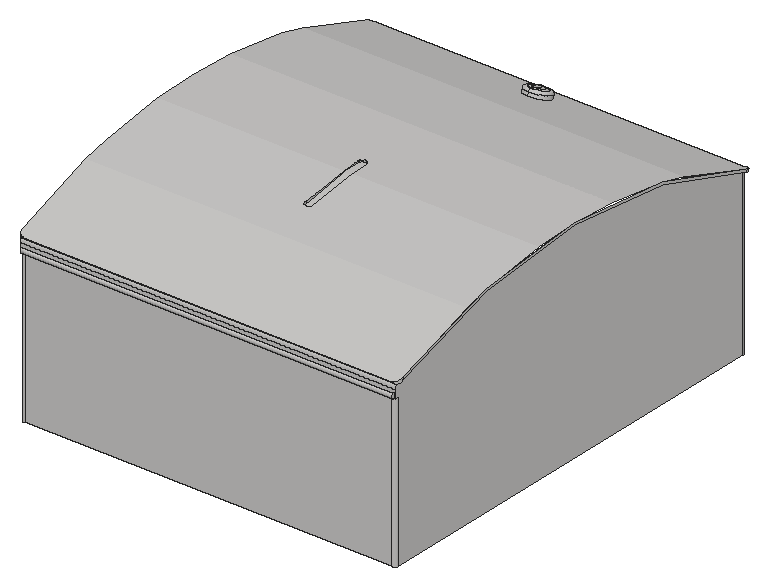
Revit family "PRD_AR_TltRllHldrs_STRATOSJumboRollHolder_STRX670", category Specialty Equipment, host Face, Revit 2018
Family settings
  Host = Face
  Round Connector Dimension = Use Diameter
  Part Type = Normal
  OmniClass Number = 23.40.20.21.17
  OmniClass Title = Paper Towel Dispensers, Disposal Units
  Cut with Voids When Loaded = No
  Shared = No
  Room Calculation Point = No
Parameters (values of type "STRX670")
  WarrantyStartDate [instance] = "1900-12-31T23:59:59"
  WarrantyGuarantorParts = "n/a"
  WarrantyGuarantorLabor = "n/a"
  WarrantyDurationUnit = "year"
  WarrantyDurationParts = "n/a"
  WarrantyDurationLabor = "n/a"
  WarrantyDescription = "n/a"
  Version = "1"
  Uniclass2015Version = "Products v1.10"
  Uniclass2015Title = "Toilet roll holders"
  Uniclass2015Code = "Pr_40_20_76_88"
  URL = "www.kwc.com"
  TypeOfMounting = "Wall mounting"
  TypeOfFixing = "Screw"
  TagNumber [instance] = "n/a"
  SustainabilityPerformance = "n/a"
  SurfaceTreatment = "InoxPlus (anti fingerprint)"
  Style = "roll holder"
  Spindle = "Yes"
  Size = "304 x 355 x 170 mm"
  Shape = "n/a"
  SerialNumber [instance] = "n/a"
  RollHolderMaterial = PRD_AR_StainlessSteel_SatinFinished
  Revision = "n/a"
  ReplacementCost = "n/a"
  ProductInformation = "https://pim.kwc.com/product/2000057394/attachment/datasheet?locale=en"
  NominalWidth = 304 mm
  NominalHeight = 355 mm
  NominalDepth = 170 mm
  NetWeight = 4.37 kg
  Name = "Jumbo roll holder STRX670"
  NBSTypeID = "n/a"
  NBSReference = "45-35-72/368"
  NBSOfficeMasterTag = "n/a"
  NBSNote = "n/a"
  NBSDescription = "Toilet roll holders"
  NBSCertification = "n/a"
  ModelReference = "STRX670"
  ModelNumber = "2000057394"
  Model = ModelReference  # "STRX670"
  MaximumWidthOfConsumable = "105.00 mm"
  MaximumDepthDiameterOfConsumable = "295.00 mm"
  MaterialThickness = "1.50 mm"
  MaterialCode = "1.4301"
  Material = "stainless steel"
  ManufacturerURL = "www.kwc.com"
  ManufacturerName = "KWC Group AG"  # constant formula
  Manufacturer = ManufacturerName  # "KWC Group AG"
  MainColor = "stainless steel"
  Lock = "Key-lock"
  IsBuiltIn = "TRUE"
  IntegralAccessories = "incl. stainless steel screws and dowels"
  InstallationDate [instance] = "1900-12-31T23:59:59"
  IfcExportType = "USERDEFINED"
  IfcExportAs = "IfcFurnitureType"
  GrossWeight = 5.06 kg
  Grade = "n/a"
  Finish = "satin finished"
  FillingQuantityUom = "Rolls"
  FillingQuantity = "1"
  Features = "stainless steel, surface satin finished"
  ExpectedLife = "n/a"
  DurationUnit = "year"
  Description = "Jumbo roll holder for wall mounting, stainless steel, surface satin finished, front with InoxPlus surface refinement for the reduction of finger marks and better cleaning characteristics (easy to clean), material thickness 1.5 mm, closed casing with curved front, paper withdrawal over two tear-off edges, cylinder lock with KWC standard key, for 1 roll with max. Ø 295 mm, includes stainless steel screws and dowels."
  Default Elevation = 850 mm
  CreatedOn = "11/2019"  # constant formula
  Constituents = "n/a"
  Color = "n/a"
  CodePerformance = "n/a"
  Category = "Pr_40_20_76_88, Toilet roll holders"
  BarCode [instance] = "n/a"
  BIMObjectName = "PRD_AR_ToiletRollHolders_STRATOSJumboRollHolder_STRX670"
  Author = "Archispace"  # constant formula
  AssetType = "Fixed"
  AssetIdentifier [instance] = "n/a"
  AccessibilityPerformance = "n/a"
Reference planes
  plane 1 "Center (Front/Back)": y = 0
  plane 2: z = 0
  plane 3 "Center (Left/Right)": x = 0
Dimensions and locks
  aligned and locked: plane 2 to host face
  aligned and locked: level to host face
Nested families
  nested 1: "STRX619" at (0, 0, 0), type "STRX619"
Definition of nested family "STRX619"
  Parameters (values of type "STRX619")
    Material = none
    Default Elevation = 1219.2 mm
  Reference planes
    plane 1 "Center (Front/Back)": y = 0
    plane 2: z = 0
    plane 3 "Center (Left/Right)": x = 0
  Forms (mm)
    Extrusion 1, solid
      sketch origin (0, 0, 0) x (1, 0, 0) y (0, 1, 0)
        loop
          line (-250, 320) -> (-250, -321.369) -> (248.602, -321.369) -> (248.602, 320) -> (-250, 320)
      from 0 to -60
    Extrusion 2, solid, material <- "Material", detail levels fine
      sketch origin (0, 0, 0) x (0, 1, 0) y (0, 0, 1)
        loop
          line (-175.684, 0) -> (174.316, 0) -> (174.316, 130.789)
          arc (174.316, 130.789) -> (0.944, 168.622) -> (-172.715, 132.127) r 423.646
          arc (-172.715, 132.127) -> (-174.877, 130.282) -> (-175.684, 127.557) r 5
          line (-175.684, 127.557) -> (-175.684, 0)
      from -150 to 150
    Extrusion 3, solid, material <- "Material", detail levels fine
      sketch origin (0, 0, 0) x (0, 1, 0) y (0, 0, 1)
        loop
          arc (-175.302, 130.967) -> (0.835, 168.622) -> (176.696, 129.7) r 423.646
          line (176.696, 129.7) -> (177.307, 131.07)
          arc (177.307, 131.07) -> (0.831, 170.122) -> (-175.92, 132.333) r 425.146
          line (-175.92, 132.333) -> (-175.302, 130.967)
      from -152 to 152
    Extrusion 4, void
      sketch origin (0, 0, 0) x (1, 0, 0) y (0, 1, 0)
        loop
          line (-3.502, -21.61) -> (-3.502, -74.025)
          arc (-3.502, -74.025) -> (-0.002, -77.525) -> (3.498, -74.025) r 3.5
          line (3.498, -74.025) -> (3.498, -21.61)
          arc (3.498, -21.61) -> (-0.002, -18.11) -> (-3.502, -21.61) r 3.5
      from 149.256 to 199.541
    Extrusion 5, void
      sketch origin (0, 0, 0) x (1, 0, 0) y (0, 1, 0)
        loop
          line (-152, 179.034) -> (-152, 172.307)
          arc (-152, 172.307) -> (-150.536, 175.843) -> (-147, 177.307) r 5
          line (-147, 177.307) -> (-147, 179.034) -> (-152, 179.034)
        loop
          line (152, 179.034) -> (147, 179.034) -> (147, 177.307)
          arc (147, 177.307) -> (150.536, 175.843) -> (152, 172.307) r 5
          line (152, 172.307) -> (152, 179.034)
        loop
          line (-152, -177.646) -> (-147, -177.646) -> (-147, -175.92)
          arc (-147, -175.92) -> (-150.536, -174.455) -> (-152, -170.92) r 5
          line (-152, -170.92) -> (-152, -177.646)
        loop
          line (152, -177.646) -> (152, -170.92)
          arc (152, -170.92) -> (150.536, -174.455) -> (147, -175.92) r 5
          line (147, -175.92) -> (147, -177.646) -> (152, -177.646)
      from 124.39 to 140.153
    Sweep 6, void
      path in 3D
        loop
          line (-150, -175.684, 0) -> (-150, -175.684, 120.691)
      profile origin (-150, -175.684, 60.345) x (0, 1, 0) y (-1, 0, 0)
        loop
          line (0, 0) -> (0, -3.2)
          arc (0, -3.2) -> (0.937, -0.937) -> (3.2, 0) r 3.2
          line (3.2, 0) -> (0, 0)
    Sweep 7, void
      path in 3D
        loop
          line (150, -175.684, 120.691) -> (150, -175.684, 0)
      profile origin (150, -175.684, 60.345) x (1, 0, 0) y (0, 1, 0)
        loop
          line (0, 0) -> (0, 3.2)
          arc (0, 3.2) -> (-0.937, 0.937) -> (-3.2, 0) r 3.2
          line (-3.2, 0) -> (0, 0)
    Sweep 8, void
      path in 3D
        loop
          line (-150, 174.316, 142.805) -> (-150, 174.316, 0)
      profile origin (-150, 174.316, 71.402) x (-1, 0, 0) y (0, -1, 0)
        loop
          line (0, 0) -> (0, 3.2)
          arc (0, 3.2) -> (-0.937, 0.937) -> (-3.2, 0) r 3.2
          line (-3.2, 0) -> (0, 0)
        loop
          line (-300, 0) -> (-296.8, 0)
          arc (-296.8, 0) -> (-299.063, 0.937) -> (-300, 3.2) r 3.2
          line (-300, 3.2) -> (-300, 0)
    Extrusion 9, solid, material <- "Material", detail levels fine
      sketch origin (0, 0, 0) x (0, 1, 0) y (0, 0, 1)
        loop
          line (-175.684, 120.411) -> (-175.684, 124.39)
          arc (-175.684, 124.39) -> (-177.482, 122.401) -> (-175.684, 120.411) r 2
      from -148.5 to 148.5
    Revolve 10, solid, material <- "Material", detail levels fine
      sketch origin (0, -36.351, 87.739) x (0, 0.971304, -0.237842) y (0, 0.237842, 0.971304)
        loop
          line (171.319, 97.098) -> (181.213, 95.826) -> (181.551, 98.455)
          arc (181.551, 98.455) -> (181.15, 99.932) -> (179.822, 100.694) r 2
          line (179.822, 100.694) -> (178.077, 100.918)
          arc (178.077, 100.918) -> (177.761, 101.327) -> (177.282, 101.524) r 1
          line (177.282, 101.524) -> (171.976, 102.206) -> (171.319, 97.098)
        axis (171.319, 97.098) -> (171.976, 102.206)
      angle from 0 to 360
    Revolve 11, solid, material <- "Material", detail levels medium
      sketch origin (0, -52.801, -10.542) x (0, 0.971304, -0.237842) y (0, 0.237842, 0.971304)
        loop
          line (163.922, 196.471) -> (173.815, 195.199) -> (174.472, 200.307) -> (164.578, 201.579) -> (163.922, 196.471)
        axis (163.922, 196.471) -> (164.578, 201.579)
      angle from 0 to 360
    Extrusion 12, solid, material <- "Material", detail levels medium
      sketch origin (0, 0, 0) x (0, 1, 0) y (0, 0, 1)
        loop
          line (-175.684, 0) -> (174.316, 0) -> (174.316, 130.789)
          arc (174.316, 130.789) -> (0.944, 168.622) -> (-172.715, 132.127) r 423.646
          arc (-172.715, 132.127) -> (-174.877, 130.282) -> (-175.684, 127.557) r 5
          line (-175.684, 127.557) -> (-175.684, 0)
      from -150 to 150
    Extrusion 13, solid, material <- "Material", detail levels medium
      sketch origin (0, 0, 0) x (0, 1, 0) y (0, 0, 1)
        loop
          arc (-175.302, 130.967) -> (0.835, 168.622) -> (176.696, 129.7) r 423.646
          line (176.696, 129.7) -> (177.307, 131.07)
          arc (177.307, 131.07) -> (0.831, 170.122) -> (-175.92, 132.333) r 425.146
          line (-175.92, 132.333) -> (-175.302, 130.967)
      from -152 to 152
    Extrusion 14, solid, material <- "Material", detail levels coarse
      sketch origin (0, 0, 0) x (0, 1, 0) y (0, 0, 1)
        loop
          line (174.316, 0) -> (174.316, 170.125) -> (-175.684, 170.125) -> (-175.684, 0) -> (174.316, 0)
      from -152 to 152
  Cuts and joins
    Extrusion 4, Extrusion 5 cuts Extrusion 3
    Sweep 6, Sweep 7, Sweep 8 cuts Extrusion 2
  Lines and regions (mm)
    sketch lines
      curve 1: line (-150, -175.684, 0) -> (-150, -175.684, 120.691)
      curve 2: line (-150, 174.316, 142.805) -> (-150, 174.316, 0)
      curve 3: line (150, -175.684, 120.691) -> (150, -175.684, 0)
  Dimensions and locks
    aligned and locked: plane 2 to Extrusion 1
    aligned and locked: level to Extrusion 1
